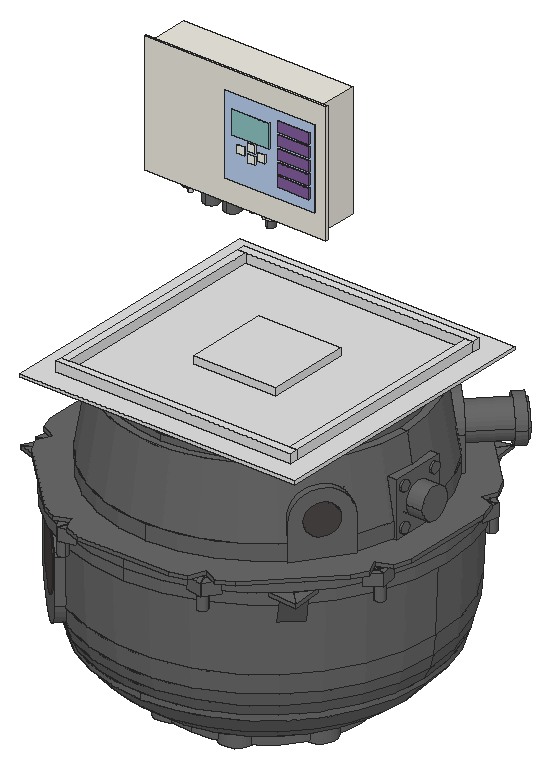
Revit family "281230x (200)", category Generic Models, Revit 2021
Family settings
  Can host rebar = No
  Round Connector Dimension = Use Diameter
  Part Type = Normal
  Work Plane-Based = No
  Always vertical = Yes
  Cut with Voids When Loaded = No
  Shared = Yes
  Room Calculation Point = No
Parameters (values of type "281230X")
  SUPPLIER = "KESSEL"
  SA700ID50 = "internal"
  SA700ID49 = "Protection Class I"
  SA700ID48 = "no"
  SA700ID47 = "no"
  SA700ID46 = "yes"
  SA700ID37 = 9000 mm
  SA700ID34 = 15.5
  SA700ID33 = 1.4 W
  SA700ID32 = 22.34 kg
  SA700ID31 = 1
  SA700ID30 = 2
  SA700ID29 = "RWDR"
  SA700ID21 = 900
  SA700ID10 = "No"
  SA700ID08 = 230 V
  PROCUREWEBLINK = "https://p.caden.as/kessel/281230X"
  PROCURELINK = "p.caden.as/kessel/281230X"
  PROCUREDATALASTUPDATE = "2024-05-22T12:17:21.692071381+01:00"
  PRC_SPECIFICATIONLINK = "https://ausschreiben.de/catalog/kessel/catalogItem/80ea36be-4b7e-4ca2-bd04-89d86ef68550"
  NN = "Lifting station Aqualift S compact"
  NBSYN = "$SA810ID03. ($LODLEVEL.)"
  NB = "281230X (200)"
  Model = "281230X"
  Manufacturer = "KESSEL"
  MIdent = "{$CADENAS_DATA/23d-libs/kessel/kessel_vdi_import/4/entwaesserung/hebeanlage20aqualift20s20compact.prj},216 {STYP=ASS},{VTYP=3D},{NB=281230X (200)},{LINA=281230X},{NN=Lifting station Aqualift S compact},{DATE=21.11.2022 10:40:35},{GEOMDATE=21.11.2022 10:40:35},{VERSION=},{LINEID=170},{WBVAR=LODLEVEL},{WBNUMERIC=LODLEVEL}  {NB=281230X (200)},{LINA=281230X},{KT=DUMMY},{PREVIEW=../../bilder/ksb_w_281230x.png},{SA700ID04=Hebeanlage Aqualift S Compact, Duo, GTF 1200, Bodenplatte, befliesbar},{SA810ID06=04026092082737},{SA700ID34=15.50},{SA010ID03=201805},{SA810ID03=281230X},{SA810ID10=Die steckerfertige Hebeanlage für fäkalienfreies Abwasser ist mit einer überflutbaren Pumpe sowie einem Rückflussverhinderer ausgestattet. Der Sammelbehälter aus dauerhaft beständigem Kunststoff (PE) besitzt einen offenen Pumpenraum. Einhandverschlüsse ermöglichen die einfache Entnahme der integrierten Komponenten. Die Anlage zum Einbau in die Bodenplatte ist vormontiert zur bauseitigen Endmontage.Die Steuerung erfolgt durch ein anwenderfreundliches Schaltgerät, das optional über einen potentialfreien Kontakt in die Gebäudeleittechnik eingebunden werden oder Alarm- und Sammelstörmeldungen über eine GSM-Schnittstelle ausgeben kann.- mit teleskopischem Aufsatzstück für stufenlosen Höhen- und Niveauausgleich und integriertem Bodenablauf- Sammelbehälter aus PE, beständig gegen aggressive Abwässer und 3 m Grundwasser- inklusive Rückflussverhinderer für die Druckleitung- inklusive Stutzen für Zulauf und Kabelleerrohr- Pumpe mit Freistromrad für höchste BetriebssicherheitAusführung:Anlagenart: DoppelanlagePumpensteuerung: SchaltgerätRückflussverhinderer: integriertAuslieferungszustand: installationsfertig (Verbindungsteile sind bauseits anzuschließen)Einbausituation: Einbau in die BodenplatteAbwasserart: fäkalienfreiAllgemeine Merkmale:Farbe: schwarzNorm: EN 12050-2Abmessungen:Länge: 617 mmBreite: 585 mmBehälter/Grundkörper:Zulauf Nennweite (DN): 100 mmDruckabgang (DN): 32 mmDruckabgang (DA): 40 mmEinbautiefe: 490 - 620 mmNutzvolumen: 20 lArt der Höhenverstellbarkeit: teleskopisches AufsatzstückAbdeckungsmerkmale:Abdeckungsart: befliesbare AbdeckplatteAbdeckung Material: KunststoffAbdeckung Farbe: silbergrauAblauffunktion: jaBodenbelaghöhe max.: 16 mmBelastungsklasse: K 3 (EN 1253-1)Länge: 366 mmBreite: 366 mmVerriegelung: Lock & LiftFreier Kugeldurchgang: 30 mmFördereinrichtung:Pumpe: GTF 1200Anzahl Pumpen: 2Förderleistung max.: 15,5 m3/hFörderhöhe max.: 9 mBetriebsspannung: 230 VNetzfrequenz: 50 HzBetriebsart: S3 - 10 %Leistung P1: 1,4 kWLeistung P2: 0,84 kWDrehzahl: 2.650 U/minErforderliche Absicherung (Leitungsschutz): C 16 AFörderguttemperatur (dauerhaft) max.: 40 °CAnschlusstyp: codierter SteckerLaufrad Typ: FreistromradLänge Netzanschlussleitung Pumpe: 5 mNennstrom: 6,2 ASchutzart Pumpe: IP 68 (3m)Typ Anschlussleitung Pumpe: H07RN-F 3G 1,0 mm2Temperaturüberwachung: integriertSteuerung:Schaltgerät: ComfortBetriebsspannung: 230 VNetzfrequenz: 50 HzSelbstdiagnosesystem (SDS): jaBatteriepufferung: jaMehrzeilige Displayanzeige: jaLogbuchfunktion: jaUSB-Schnittstelle: jaGSM-Schnittstelle: jaPotentialfreier Kontakt: optionalSchutzart Schaltgerät: IP 54Anschlusstyp: codierter SteckerLänge Netzanschlussleitung Schaltgerät: 1,4 mArt Niveauerfassung: pneumatischInstrument Niveauerfassung: TauchrohrAlarmgeber: optische Sonde},{SA700ID37=9.00},{SA700ID33=1.40},{SA700ID08=230},{SA700ID30=2},{SA700ID32=22.34},{SA700ID49=Schutzklasse I},{SA700ID50=intern},{SA200ID03=6},{SA250ID03=vertikal},{SA260ID03=Trockenläuferpumpe},{SA350ID03=normalansaugend},{SA400ID03=E-Motor für Wechselstrom},{SA460ID03=direkt},{SA500ID03=Kunststoff, Edelstahl},{SA700ID06=32},{SA700ID07=100},{SA700ID09=1/N/PE 230V },{SA700ID10=Nein},{SA700ID11=50},{SA700ID12=IP 68},{SA700ID13=F},{SA700ID15=35},{SA700ID21=900.00},{SA700ID22=0.84},{SA700ID23=2650},{SA700ID24=2650},{SA700ID26=6.20},{SA700ID27=14.90},{SA700ID28=durchgehend},{SA700ID29=RWDR},{SA700ID31=1},{SA700ID46=ja},{SA700ID47=nein},{SA700ID48=nein},{SA110ID04=Hebeanlage Aqualift S Compact},{SA300ID03=einstufig},{SA700ID44=10.00},{SA700ID45=10.00},{SA010ID04=KESSEL AG},{LODLEVEL=200},{LINK=https://www.kessel.de/info?han=281230X},{SA970ID01=970},{SA970ID02=14152},{SA970ID03=281230X},{SA970ID04=11002617},{SA970ID05=QUAD},{SA970ID06=-326},{SA970ID07=-291.04},{SA970ID08=0},{SA970ID09=1},{SA970ID10=0},{SA970ID11=0},{SA970ID12=0},{SA970ID13=1},{SA970ID14=0},{SA970ID15=617.04},{SA970ID16=582.09},{SA970ID17=488.5},{LODLEVEL_=200,'Low'},{LODLEVEL_DEU=200,'Low'},{LINK_=https://www.kessel.de/info?han=281230X},{LINK_DEU=https://www.kessel.de/info?han=281230X},{LODLEVEL_3DB=281230X_200},{DNIN1=100},{DNIN2=125},{DNIN3=100},{DNIN4=100},{DNOUT1=70},{DNOUT2=32},{ISD1=60},{ISD2=10},{ISD3=10},{SA010ID01=010},{SA010ID02=4},{SA010ID06=www.kessel.de},{SA010ID07=www.kessel.de},{SA010ID12=20180713},{SA010ID13=DEU},{SA010ID14=DE},{SA100ID01=100},{SA100ID02=4},{SA100ID04=Entwässerung},{SA110ID01=110},{SA110ID02=30},{SA200ID01=200},{SA200ID02=6},{SA250ID01=250},{SA250ID02=2},{SA260ID01=260},{SA260ID02=2},{SA300ID01=300},{SA300ID02=1},{SA350ID01=350},{SA350ID02=1},{SA400ID01=400},{SA400ID02=1},{SA460ID01=460},{SA460ID02=1},{SA500ID01=500},{SA500ID02=1},{SA700ID01=700},{SA700ID02=201},{SA700ID10_=0},{SA700ID16=0},{SA700ID25=0},{SA700ID46_=1},{SA700ID47_=0},{SA700ID48_=0},{SA700ID49_=1},{SA700ID50_=2},{SA800ID01=800},{SA800ID02=16},{SA810ID01=810},{SA810ID02=201},{SA810ID04=281230X},{SA810ID07=201},{SA810ID09=1},{SA810ID14=PCE},{SA810ID15=1},{SA810ID16=NMP},{SA960ID03=201},{SA960ID04=3L},{SA960ID08=https://www.kessel.de/info?han=281230X},{SA010ID08=4026092000007},{SA100ID05=Hebeanlage},{SA110ID06=Hebeanlage}"
  LINK = "https://www.kessel.de/info?han=281230X"
  LINA = "281230X"
  Default Elevation = 0 mm
  CREATOR = "CADENAS GmbH"
  CATALOG = "KESSEL"
  BOMINFO = "LINA"
  ARTICLENO = "NB"
  4.810.00.9 Order quantity (multiplicator) = "1"
  4.810.00.7 Media- connection number = "201"
  4.810.00.6 GTIN number = "04026092082737"
  4.810.00.4 DATANORM number = "281230X"
  4.810.00.3 Producer order number = "281230X"
  4.710.03.7 Mass (net) = 22.34 kg
  4.710.03.6 Height = 490 mm
  4.710.03.5 Width = 580 mm
  4.710.03.4 Length = 620 mm
  4.710.03.3 Type of dimensions = "2"
  4.710.02.8 Area of application of wastewater pump = "2"
  4.710.02.7 Art des S2/S3-Betriebs = "50 %"
  4.710.02.6 Duty type = "S3"
  4.710.02.5 Cutting device = "0"
  4.710.02.4 Attached pump control = "1"
  4.710.02.3 Free passage = 30 mm
  4.710.01.6 Option to connect to building automation = "30"
  4.710.01.5 Load regulation = "0"
  4.710.01.4 Designation of closed-loop control = "20"
  4.700.00.9 Voltage = 0
  4.700.00.8 Nominal connection size on suction side = "100"
  4.700.00.7 Nominal connection size on pressure side = "100"
  4.700.00.6 Type of connection = "32"
  4.700.00.4 Product indentification = "Hebeanlage Aqualift S Compact, Duo, GTF 1200, Bodenplatte, befliesbar"
  4.700.00.28 Motor pump shaft = "durchgehend"
  4.700.00.27 Starting current = 14.9
  4.700.00.26 Maximum power consumption per pump / drive = 6.2
  4.700.00.25 Minimum speed at internal speed adjustment = 0
  4.700.00.24 Nominal speed / maximum speed n = 44.1667
  4.700.00.23 Nominal speed of motor = 44.1667
  4.700.00.22 Maximum shaft output (P2) per pump/drive = 0.84 W
  4.700.00.16 Maximum temperature of pumped medium = 0 °C
  4.700.00.15 Increased safety class = "35 °C"
  4.700.00.13 Type of protection = "F"
  4.700.00.12 Frequency = 0
  4.700.00.11 Stern-/Dreieck-Anlaufschaltung bei Dreiphasenanschluss oder Drehstrom = "50 Hz"
  4.700.00.10 Phase = "0"
  4.500.00.3 Variant / Variant type / Accessories-name = "Kunststoff, Edelstahl"
  4.460.00.3 Variant / Variant type / Accessories-name = "direkt"
  4.400.00.3 Variant / Variant type / Accessories-name = "E-Motor für Wechselstrom"
  4.350.00.3 Variant / Variant type / Accessories-name = "normalansaugend"
  4.300.00.3 Variant / Variant type / Accessories-name = "einstufig"
  4.260.00.3 Variant / Variant type / Accessories-name = "Trockenläuferpumpe"
  4.250.00.3 Variant / Variant type / Accessories-name = "vertikal"
  4.200.00.3 Variant / Variant type / Accessories-name = "6"
  4.110.00.6 Product classification = "Hebeanlage"
  4.110.00.4 Product indentification = "Hebeanlage Aqualift S Compact"
  4.100.00.5 Main groups of wares = "Hebeanlage"
  4.100.00.4 Product indentification = "Entwässerung"
  4.010.00.8 Producer ID number = "4026092000007"
  4.010.00.7 Comment = "www.kessel.de"
  4.010.00.6 Web address of the manufacturer = "www.kessel.de"
  4.010.00.4 Manufacturer name = "KESSEL AG"
  4.010.00.3 Date of issuance (month) of guideline = "201805"
  4.010.00.2 Sheet number of the guideline = "4"
  4.010.00.14 Kennungen der Projektländer, für die die Datei gültig ist = "DE"
  4.010.00.13 Sprache der Datei = "DEU"
  4.010.00.12 Stand des Herstellerkatalogs = "20180713"
Reference planes
  plane 1 "Center (Front/Back)": y = 0
  plane 2: z = 0
  plane 3 "Center (Left/Right)": x = 0
Forms (mm)
  Extrusion 1, void
    sketch origin (-197.283, 197.283, 209) x (-0.707107, -0.707107, 0) y (0, 0, -1)
      loop
        line (-0.5, -0.5) -> (0.5, -0.5) -> (0.5, 0.5) -> (-0.5, 0.5) -> (-0.5, -0.5)
    from 0 to 1
  Extrusion 2, void
    sketch origin (-197.283, -197.283, 209) x (0.707107, -0.707107, 0) y (0, 0, -1)
      loop
        line (-0.5, -0.5) -> (0.5, -0.5) -> (0.5, 0.5) -> (-0.5, 0.5) -> (-0.5, -0.5)
    from 0 to 1
  Extrusion 3, void
    sketch origin (-247, 0, 370) x (0, -1, 0) y (0, 0, -1)
      loop
        line (-0.5, -0.5) -> (0.5, -0.5) -> (0.5, 0.5) -> (-0.5, 0.5) -> (-0.5, -0.5)
    from 0 to 1
  Extrusion 4, void
    sketch origin (242.226, 228.084, 376) x (-0.707107, 0.707107, 0) y (0, 0, -1)
      loop
        line (-0.5, -0.5) -> (0.5, -0.5) -> (0.5, 0.5) -> (-0.5, 0.5) -> (-0.5, -0.5)
    from 0 to 1
  Extrusion 5, void
    sketch origin (242.226, 228.084, 364) x (-0.707107, 0.707107, 0) y (0, 0, -1)
      loop
        line (-0.5, -0.5) -> (0.5, -0.5) -> (0.5, 0.5) -> (-0.5, 0.5) -> (-0.5, -0.5)
    from 0 to 1
  Extrusion 6, void
    sketch origin (228.084, 242.226, 376) x (-0.707107, 0.707107, 0) y (0, 0, -1)
      loop
        line (-0.5, -0.5) -> (0.5, -0.5) -> (0.5, 0.5) -> (-0.5, 0.5) -> (-0.5, -0.5)
    from 0 to 1
  Extrusion 7, void
    sketch origin (228.084, 242.226, 364) x (-0.707107, 0.707107, 0) y (0, 0, -1)
      loop
        line (-0.5, -0.5) -> (0.5, -0.5) -> (0.5, 0.5) -> (-0.5, 0.5) -> (-0.5, -0.5)
    from 0 to 1
Dimensions and locks
  locked: plane 2 to Extrusion 1 at 208.5
  locked: plane 2 to Extrusion 1 at 209.5
  locked: plane 2 to Extrusion 2 at 208.5
  locked: plane 2 to Extrusion 2 at 209.5
  locked: plane 2 to Extrusion 3 at 369.5
  locked: plane 2 to Extrusion 3 at 370.5
  locked: plane 2 to Extrusion 4 at 375.5
  locked: plane 2 to Extrusion 4 at 376.5
  locked: plane 2 to Extrusion 5 at 363.5
  locked: plane 2 to Extrusion 5 at 364.5
  locked: plane 2 to Extrusion 6 at 375.5
  locked: plane 2 to Extrusion 6 at 376.5
  locked: plane 2 to Extrusion 7 at 363.5
  locked: plane 2 to Extrusion 7 at 364.5
  aligned and locked: level to plane 2
Nested families
  nested 1: "281230x (200)_content" at (0, 0, 0), type "281230X (200)_Content"
  nested 2: "281230x (200)_part1_X0Y0" at (-194, 244.5, 558), type "281230X_PART1_X0Y0"
  nested 3: "281230x (200)_part2_X0Y0" at (0, 0, 0), type "281230X_PART2_X0Y0"
Connectors
  piping at (-112, 217, 557.2), diameter 10
    settings: on nested 2, index 1, connector inside diameter 609.6 mm, connector length 0 mm, flow factor 0, pipe flow 0.0 L/s, pressure drop 0.0 Pa, fitting loss kfactor 0, connector angle 0.00°, fixture units 0, engagement length 0 mm, angle of deflection 0.00°, flow configuration 0, flow direction 2, fitting loss method 2, system type 29, joint type 0, gender type 0, connector reference index -1, connector utility 0, adjustable connector no, is connector primary yes, connector description ""
  electrical at (-298, 217, 518.5)
    settings: on nested 2, index 2, voltage 0 V, apparent load 0 VA, apparent load phase1 0 VA, apparent load phase2 0 VA, apparent load phase3 0 VA, power factor 1, load classification "Other", number of poles 1, system type 31, power factor state 1, is connector primary yes, connector utility no, sub classification motor no, connector description ""
  electrical at (-264, 217, 515.9)
    settings: on nested 2, index 3, voltage 0 V, apparent load 0 VA, apparent load phase1 0 VA, apparent load phase2 0 VA, apparent load phase3 0 VA, power factor 1, load classification "Other", number of poles 1, system type 31, power factor state 1, is connector primary no, connector utility no, sub classification motor no, connector description ""
  electrical at (-230, 217, 515.9)
    settings: on nested 2, index 4, voltage 0 V, apparent load 0 VA, apparent load phase1 0 VA, apparent load phase2 0 VA, apparent load phase3 0 VA, power factor 1, load classification "Other", number of poles 1, system type 31, power factor state 1, is connector primary no, connector utility no, sub classification motor no, connector description ""
  electrical at (-192, 217, 528.2)
    settings: on nested 2, index 5, voltage 0 V, apparent load 0 VA, apparent load phase1 0 VA, apparent load phase2 0 VA, apparent load phase3 0 VA, power factor 1, load classification "Other", number of poles 1, system type 31, power factor state 1, is connector primary no, connector utility no, sub classification motor no, connector description ""
  electrical at (-168, 217, 513.45)
    settings: on nested 2, index 6, voltage 0 V, apparent load 0 VA, apparent load phase1 0 VA, apparent load phase2 0 VA, apparent load phase3 0 VA, power factor 1, load classification "Other", number of poles 1, system type 31, power factor state 1, is connector primary no, connector utility no, sub classification motor no, connector description ""
  electrical at (-140, 217, 557.2)
    settings: on nested 2, index 7, voltage 0 V, apparent load 0 VA, apparent load phase1 0 VA, apparent load phase2 0 VA, apparent load phase3 0 VA, power factor 1, load classification "Other", number of poles 1, system type 31, power factor state 1, is connector primary no, connector utility no, sub classification motor no, connector description ""
  piping at (-326, 0, 209), diameter 125
    settings: on nested 3, index 8, connector inside diameter 609.6 mm, connector length 0 mm, flow factor 0, pipe flow 0.0 L/s, pressure drop 0.0 Pa, fitting loss kfactor 0, connector angle 0.00°, fixture units 0, engagement length 0 mm, angle of deflection 0.00°, flow configuration 0, flow direction 1, fitting loss method 2, system type 29, joint type 0, gender type 0, connector reference index -1, connector utility 0, adjustable connector no, is connector primary no, connector description ""
  piping at (-197.283, 197.283, 209), diameter 100
    settings: on Extrusion 1, index 9, connector inside diameter 609.6 mm, connector length 0 mm, flow factor 0, pipe flow 0.0 L/s, pressure drop 0.0 Pa, fitting loss kfactor 0, connector angle 0.00°, fixture units 0, engagement length 0 mm, angle of deflection 0.00°, flow configuration 0, flow direction 0, fitting loss method 2, system type 29, joint type 0, gender type 0, connector reference index -1, connector utility 0, adjustable connector no, is connector primary no, connector description ""
  piping at (-197.283, -197.283, 209), diameter 100
    settings: on Extrusion 2, index 10, connector inside diameter 609.6 mm, connector length 0 mm, flow factor 0, pipe flow 0.0 L/s, pressure drop 0.0 Pa, fitting loss kfactor 0, connector angle 0.00°, fixture units 0, engagement length 0 mm, angle of deflection 0.00°, flow configuration 0, flow direction 0, fitting loss method 2, system type 29, joint type 0, gender type 0, connector reference index -1, connector utility 0, adjustable connector no, is connector primary no, connector description ""
  piping at (-247, 0, 370), diameter 70
    settings: on Extrusion 3, index 11, connector inside diameter 609.6 mm, connector length 0 mm, flow factor 0, pipe flow 0.0 L/s, pressure drop 0.0 Pa, fitting loss kfactor 0, connector angle 0.00°, fixture units 0, engagement length 0 mm, angle of deflection 0.00°, flow configuration 0, flow direction 0, fitting loss method 2, system type 29, joint type 0, gender type 0, connector reference index -1, connector utility 0, adjustable connector no, is connector primary no, connector description ""
  piping at (272.5, -3, 363.25), diameter 32
    settings: on nested 3, index 12, connector inside diameter 609.6 mm, connector length 0 mm, flow factor 0, pipe flow 0.0 L/s, pressure drop 0.0 Pa, fitting loss kfactor 0, connector angle 0.00°, fixture units 0, engagement length 0 mm, angle of deflection 0.00°, flow configuration 0, flow direction 2, fitting loss method 2, system type 29, joint type 0, gender type 0, connector reference index -1, connector utility 0, adjustable connector no, is connector primary no, connector description ""
  electrical at (242.226, 228.084, 376)
    settings: on Extrusion 4, index 13, voltage 0 V, apparent load 0 VA, apparent load phase1 0 VA, apparent load phase2 0 VA, apparent load phase3 0 VA, power factor 1, load classification "Other", number of poles 1, system type 31, power factor state 1, is connector primary no, connector utility no, sub classification motor no, connector description ""
  electrical at (242.226, 228.084, 364)
    settings: on Extrusion 5, index 14, voltage 0 V, apparent load 0 VA, apparent load phase1 0 VA, apparent load phase2 0 VA, apparent load phase3 0 VA, power factor 1, load classification "Other", number of poles 1, system type 31, power factor state 1, is connector primary no, connector utility no, sub classification motor no, connector description ""
  electrical at (228.084, 242.226, 376)
    settings: on Extrusion 6, index 15, voltage 0 V, apparent load 0 VA, apparent load phase1 0 VA, apparent load phase2 0 VA, apparent load phase3 0 VA, power factor 1, load classification "Other", number of poles 1, system type 31, power factor state 1, is connector primary no, connector utility no, sub classification motor no, connector description ""
  electrical at (228.084, 242.226, 364)
    settings: on Extrusion 7, index 16, voltage 0 V, apparent load 0 VA, apparent load phase1 0 VA, apparent load phase2 0 VA, apparent load phase3 0 VA, power factor 1, load classification "Other", number of poles 1, system type 31, power factor state 1, is connector primary no, connector utility no, sub classification motor no, connector description ""
Definition of nested family "281230x (200)_part1_X0Y0"
  Parameters (values of type "281230X_PART1_X0Y0")
    SUPPLIER = "KESSEL"
    SA700ID50 = "internal"
    SA700ID49 = "Protection Class I"
    SA700ID48 = "no"
    SA700ID47 = "no"
    SA700ID46 = "yes"
    SA700ID37 = 9000 mm
    SA700ID34 = 15.5
    SA700ID33 = 1.4 W
    SA700ID32 = 22.34 kg
    SA700ID31 = 1
    SA700ID30 = 2
    SA700ID29 = "RWDR"
    SA700ID21 = 900
    SA700ID10 = "No"
    SA700ID08 = 230 V
    NBSYN = "$SA810ID03. ($LODLEVEL.)_PART1"
    NB = "281230X (200)_PART1"
    Model = "281230X_PART1"
    Manufacturer = "KESSEL"
    MIdent = "{$CADENAS_DATA/23d-libs/kessel/kessel_vdi_import/4/entwaesserung/hebeanlage20aqualift20s20compact.prj},236 {VTYP=3D},{NB=281230X (200)_PART1},{LINA=281230X_PART1},{NN=Lifting station Aqualift S compact_PART1},{NOPRJ=TRUE},{DATE=21.11.2022 10:40:35},{GEOMDATE=21.11.2022 10:40:35},{VERSION=},{LINEID=170},{WBVAR=LODLEVEL},{WBNUMERIC=LODLEVEL}  {NB=281230X (200)_PART1},{LINA=281230X_PART1},{KT=DUMMY},{PREVIEW=../../bilder/ksb_w_281230x.png},{SA700ID04=Hebeanlage Aqualift S Compact, Duo, GTF 1200, Bodenplatte, befliesbar},{SA810ID06=04026092082737},{SA700ID34=15.50},{SA010ID03=201805},{SA810ID03=281230X},{SA810ID10=Die steckerfertige Hebeanlage für fäkalienfreies Abwasser ist mit einer überflutbaren Pumpe sowie einem Rückflussverhinderer ausgestattet. Der Sammelbehälter aus dauerhaft beständigem Kunststoff (PE) besitzt einen offenen Pumpenraum. Einhandverschlüsse ermöglichen die einfache Entnahme der integrierten Komponenten. Die Anlage zum Einbau in die Bodenplatte ist vormontiert zur bauseitigen Endmontage.Die Steuerung erfolgt durch ein anwenderfreundliches Schaltgerät, das optional über einen potentialfreien Kontakt in die Gebäudeleittechnik eingebunden werden oder Alarm- und Sammelstörmeldungen über eine GSM-Schnittstelle ausgeben kann.- mit teleskopischem Aufsatzstück für stufenlosen Höhen- und Niveauausgleich und integriertem Bodenablauf- Sammelbehälter aus PE, beständig gegen aggressive Abwässer und 3 m Grundwasser- inklusive Rückflussverhinderer für die Druckleitung- inklusive Stutzen für Zulauf und Kabelleerrohr- Pumpe mit Freistromrad für höchste BetriebssicherheitAusführung:Anlagenart: DoppelanlagePumpensteuerung: SchaltgerätRückflussverhinderer: integriertAuslieferungszustand: installationsfertig (Verbindungsteile sind bauseits anzuschließen)Einbausituation: Einbau in die BodenplatteAbwasserart: fäkalienfreiAllgemeine Merkmale:Farbe: schwarzNorm: EN 12050-2Abmessungen:Länge: 617 mmBreite: 585 mmBehälter/Grundkörper:Zulauf Nennweite (DN): 100 mmDruckabgang (DN): 32 mmDruckabgang (DA): 40 mmEinbautiefe: 490 - 620 mmNutzvolumen: 20 lArt der Höhenverstellbarkeit: teleskopisches AufsatzstückAbdeckungsmerkmale:Abdeckungsart: befliesbare AbdeckplatteAbdeckung Material: KunststoffAbdeckung Farbe: silbergrauAblauffunktion: jaBodenbelaghöhe max.: 16 mmBelastungsklasse: K 3 (EN 1253-1)Länge: 366 mmBreite: 366 mmVerriegelung: Lock & LiftFreier Kugeldurchgang: 30 mmFördereinrichtung:Pumpe: GTF 1200Anzahl Pumpen: 2Förderleistung max.: 15,5 m3/hFörderhöhe max.: 9 mBetriebsspannung: 230 VNetzfrequenz: 50 HzBetriebsart: S3 - 10 %Leistung P1: 1,4 kWLeistung P2: 0,84 kWDrehzahl: 2.650 U/minErforderliche Absicherung (Leitungsschutz): C 16 AFörderguttemperatur (dauerhaft) max.: 40 °CAnschlusstyp: codierter SteckerLaufrad Typ: FreistromradLänge Netzanschlussleitung Pumpe: 5 mNennstrom: 6,2 ASchutzart Pumpe: IP 68 (3m)Typ Anschlussleitung Pumpe: H07RN-F 3G 1,0 mm2Temperaturüberwachung: integriertSteuerung:Schaltgerät: ComfortBetriebsspannung: 230 VNetzfrequenz: 50 HzSelbstdiagnosesystem (SDS): jaBatteriepufferung: jaMehrzeilige Displayanzeige: jaLogbuchfunktion: jaUSB-Schnittstelle: jaGSM-Schnittstelle: jaPotentialfreier Kontakt: optionalSchutzart Schaltgerät: IP 54Anschlusstyp: codierter SteckerLänge Netzanschlussleitung Schaltgerät: 1,4 mArt Niveauerfassung: pneumatischInstrument Niveauerfassung: TauchrohrAlarmgeber: optische Sonde},{SA700ID37=9.00},{SA700ID33=1.40},{SA700ID08=230},{SA700ID30=2},{SA700ID32=22.34},{SA700ID49=Schutzklasse I},{SA700ID50=intern},{SA200ID03=6},{SA250ID03=vertikal},{SA260ID03=Trockenläuferpumpe},{SA350ID03=normalansaugend},{SA400ID03=E-Motor für Wechselstrom},{SA460ID03=direkt},{SA500ID03=Kunststoff, Edelstahl},{SA700ID06=32},{SA700ID07=100},{SA700ID09=1/N/PE 230V },{SA700ID10=Nein},{SA700ID11=50},{SA700ID12=IP 68},{SA700ID13=F},{SA700ID15=35},{SA700ID21=900.00},{SA700ID22=0.84},{SA700ID23=2650},{SA700ID24=2650},{SA700ID26=6.20},{SA700ID27=14.90},{SA700ID28=durchgehend},{SA700ID29=RWDR},{SA700ID31=1},{SA700ID46=ja},{SA700ID47=nein},{SA700ID48=nein},{SA110ID04=Hebeanlage Aqualift S Compact},{SA300ID03=einstufig},{SA700ID44=10.00},{SA700ID45=10.00},{SA010ID04=KESSEL AG},{LODLEVEL=200},{LINK=https://www.kessel.de/info?han=281230X},{SA970ID01=970},{SA970ID02=14152},{SA970ID03=281230X},{SA970ID04=11002617},{SA970ID05=QUAD},{SA970ID06=-326},{SA970ID07=-291.04},{SA970ID08=0},{SA970ID09=1},{SA970ID10=0},{SA970ID11=0},{SA970ID12=0},{SA970ID13=1},{SA970ID14=0},{SA970ID15=617.04},{SA970ID16=582.09},{SA970ID17=488.5},{LODLEVEL_=200,'Low'},{LODLEVEL_DEU=200,'Low'},{LINK_=https://www.kessel.de/info?han=281230X},{LINK_DEU=https://www.kessel.de/info?han=281230X},{LODLEVEL_3DB=281230X_200},{DNIN1=100},{DNIN2=125},{DNIN3=100},{DNIN4=100},{DNOUT1=70},{DNOUT2=32},{ISD1=60},{ISD2=10},{ISD3=10},{SA010ID01=010},{SA010ID02=4},{SA010ID06=www.kessel.de},{SA010ID07=www.kessel.de},{SA010ID12=20180713},{SA010ID13=DEU},{SA010ID14=DE},{SA100ID01=100},{SA100ID02=4},{SA100ID04=Entwässerung},{SA110ID01=110},{SA110ID02=30},{SA200ID01=200},{SA200ID02=6},{SA250ID01=250},{SA250ID02=2},{SA260ID01=260},{SA260ID02=2},{SA300ID01=300},{SA300ID02=1},{SA350ID01=350},{SA350ID02=1},{SA400ID01=400},{SA400ID02=1},{SA460ID01=460},{SA460ID02=1},{SA500ID01=500},{SA500ID02=1},{SA700ID01=700},{SA700ID02=201},{SA700ID10_=0},{SA700ID16=0},{SA700ID25=0},{SA700ID46_=1},{SA700ID47_=0},{SA700ID48_=0},{SA700ID49_=1},{SA700ID50_=2},{SA800ID01=800},{SA800ID02=16},{SA810ID01=810},{SA810ID02=201},{SA810ID04=281230X},{SA810ID07=201},{SA810ID09=1},{SA810ID14=PCE},{SA810ID15=1},{SA810ID16=NMP},{SA960ID03=201},{SA960ID04=3L},{SA960ID08=https://www.kessel.de/info?han=281230X},{SA010ID08=4026092000007},{SA100ID05=Hebeanlage},{SA110ID06=Hebeanlage}"
    LINK = "https://www.kessel.de/info?han=281230X"
    LINA = "281230X_PART1"
    Default Elevation = 1219.2 mm
    CREATOR = "CADENAS GmbH"
    CATALOG = "KESSEL"
    BOMINFO = "LINA"
    ARTICLENO = "NB"
    4.810.00.9 Order quantity (multiplicator) = "1"
    4.810.00.7 Media- connection number = "201"
    4.810.00.6 GTIN number = "04026092082737"
    4.810.00.4 DATANORM number = "281230X"
    4.810.00.3 Producer order number = "281230X"
    4.710.03.7 Mass (net) = 22.34 kg
    4.710.03.6 Height = 490 mm
    4.710.03.5 Width = 580 mm
    4.710.03.4 Length = 620 mm
    4.710.03.3 Type of dimensions = "2"
    4.710.02.8 Area of application of wastewater pump = "2"
    4.710.02.7 Art des S2/S3-Betriebs = "50 %"
    4.710.02.6 Duty type = "S3"
    4.710.02.5 Cutting device = "0"
    4.710.02.4 Attached pump control = "1"
    4.710.02.3 Free passage = 30 mm
    4.710.01.6 Option to connect to building automation = "30"
    4.710.01.5 Load regulation = "0"
    4.710.01.4 Designation of closed-loop control = "20"
    4.700.00.9 Voltage = 0
    4.700.00.8 Nominal connection size on suction side = "100"
    4.700.00.7 Nominal connection size on pressure side = "100"
    4.700.00.6 Type of connection = "32"
    4.700.00.4 Product indentification = "Hebeanlage Aqualift S Compact, Duo, GTF 1200, Bodenplatte, befliesbar"
    4.700.00.28 Motor pump shaft = "durchgehend"
    4.700.00.27 Starting current = 14.9
    4.700.00.26 Maximum power consumption per pump / drive = 6.2
    4.700.00.25 Minimum speed at internal speed adjustment = 0
    4.700.00.24 Nominal speed / maximum speed n = 44.1667
    4.700.00.23 Nominal speed of motor = 44.1667
    4.700.00.22 Maximum shaft output (P2) per pump/drive = 0.84 W
    4.700.00.16 Maximum temperature of pumped medium = 0 °C
    4.700.00.15 Increased safety class = "35 °C"
    4.700.00.13 Type of protection = "F"
    4.700.00.12 Frequency = 0
    4.700.00.11 Stern-/Dreieck-Anlaufschaltung bei Dreiphasenanschluss oder Drehstrom = "50 Hz"
    4.700.00.10 Phase = "0"
    4.500.00.3 Variant / Variant type / Accessories-name = "Kunststoff, Edelstahl"
    4.460.00.3 Variant / Variant type / Accessories-name = "direkt"
    4.400.00.3 Variant / Variant type / Accessories-name = "E-Motor für Wechselstrom"
    4.350.00.3 Variant / Variant type / Accessories-name = "normalansaugend"
    4.300.00.3 Variant / Variant type / Accessories-name = "einstufig"
    4.260.00.3 Variant / Variant type / Accessories-name = "Trockenläuferpumpe"
    4.250.00.3 Variant / Variant type / Accessories-name = "vertikal"
    4.200.00.3 Variant / Variant type / Accessories-name = "6"
    4.110.00.6 Product classification = "Hebeanlage"
    4.110.00.4 Product indentification = "Hebeanlage Aqualift S Compact"
    4.100.00.5 Main groups of wares = "Hebeanlage"
    4.100.00.4 Product indentification = "Entwässerung"
    4.010.00.8 Producer ID number = "4026092000007"
    4.010.00.7 Comment = "www.kessel.de"
    4.010.00.6 Web address of the manufacturer = "www.kessel.de"
    4.010.00.4 Manufacturer name = "KESSEL AG"
    4.010.00.3 Date of issuance (month) of guideline = "201805"
    4.010.00.2 Sheet number of the guideline = "4"
    4.010.00.14 Kennungen der Projektländer, für die die Datei gültig ist = "DE"
    4.010.00.13 Sprache der Datei = "DEU"
    4.010.00.12 Stand des Herstellerkatalogs = "20180713"
  Reference planes
    plane 1 "Center (Front/Back)": y = 0
    plane 2: z = 0
    plane 3 "Center (Left/Right)": x = 0
  Dimensions and locks
    aligned and locked: level to plane 2
  Nested families
    nested 1: "281230x (200)_part1_content" at (0, 0, 0), type "281230X (200)_PART1_Content"
  Definition of nested family "281230x (200)_part1_content"
    Parameters (values of type "281230X (200)_PART1_Content")
      SUPPLIER = "KESSEL"
      SA700ID50 = "internal"
      SA700ID49 = "Protection Class I"
      SA700ID48 = "no"
      SA700ID47 = "no"
      SA700ID46 = "yes"
      SA700ID37 = 9000 mm
      SA700ID34 = 15.5
      SA700ID33 = 1.4 W
      SA700ID32 = 22.34 kg
      SA700ID31 = 1
      SA700ID30 = 2
      SA700ID29 = "RWDR"
      SA700ID21 = 900
      SA700ID10 = "No"
      SA700ID08 = 230 V
      NBSYN = "$SA810ID03. ($LODLEVEL.)_PART1"
      NB = "281230X (200)_PART1"
      Model = "281230X_PART1"
      Manufacturer = "KESSEL"
      LINK = "https://www.kessel.de/info?han=281230X"
      LINA = "281230X_PART1"
      Default Elevation = 1219.2 mm
      CREATOR = "CADENAS GmbH"
      CATALOG = "KESSEL"
      BOMINFO = "LINA"
      ARTICLENO = "NB"
      4.810.00.9 Order quantity (multiplicator) = "1"
      4.810.00.7 Media- connection number = "201"
      4.810.00.6 GTIN number = "04026092082737"
      4.810.00.4 DATANORM number = "281230X"
      4.810.00.3 Producer order number = "281230X"
      4.710.03.7 Mass (net) = 22.34 kg
      4.710.03.6 Height = 490 mm
      4.710.03.5 Width = 580 mm
      4.710.03.4 Length = 620 mm
      4.710.03.3 Type of dimensions = "2"
      4.710.02.8 Area of application of wastewater pump = "2"
      4.710.02.7 Art des S2/S3-Betriebs = "50 %"
      4.710.02.6 Duty type = "S3"
      4.710.02.5 Cutting device = "0"
      4.710.02.4 Attached pump control = "1"
      4.710.02.3 Free passage = 30 mm
      4.710.01.6 Option to connect to building automation = "30"
      4.710.01.5 Load regulation = "0"
      4.710.01.4 Designation of closed-loop control = "20"
      4.700.00.9 Voltage = 0
      4.700.00.8 Nominal connection size on suction side = "100"
      4.700.00.7 Nominal connection size on pressure side = "100"
      4.700.00.6 Type of connection = "32"
      4.700.00.4 Product indentification = "Hebeanlage Aqualift S Compact, Duo, GTF 1200, Bodenplatte, befliesbar"
      4.700.00.28 Motor pump shaft = "durchgehend"
      4.700.00.27 Starting current = 14.9
      4.700.00.26 Maximum power consumption per pump / drive = 6.2
      4.700.00.25 Minimum speed at internal speed adjustment = 0
      4.700.00.24 Nominal speed / maximum speed n = 44.1667
      4.700.00.23 Nominal speed of motor = 44.1667
      4.700.00.22 Maximum shaft output (P2) per pump/drive = 0.84 W
      4.700.00.16 Maximum temperature of pumped medium = 0 °C
      4.700.00.15 Increased safety class = "35 °C"
      4.700.00.13 Type of protection = "F"
      4.700.00.12 Frequency = 0
      4.700.00.11 Stern-/Dreieck-Anlaufschaltung bei Dreiphasenanschluss oder Drehstrom = "50 Hz"
      4.700.00.10 Phase = "0"
      4.500.00.3 Variant / Variant type / Accessories-name = "Kunststoff, Edelstahl"
      4.460.00.3 Variant / Variant type / Accessories-name = "direkt"
      4.400.00.3 Variant / Variant type / Accessories-name = "E-Motor für Wechselstrom"
      4.350.00.3 Variant / Variant type / Accessories-name = "normalansaugend"
      4.300.00.3 Variant / Variant type / Accessories-name = "einstufig"
      4.260.00.3 Variant / Variant type / Accessories-name = "Trockenläuferpumpe"
      4.250.00.3 Variant / Variant type / Accessories-name = "vertikal"
      4.200.00.3 Variant / Variant type / Accessories-name = "6"
      4.110.00.6 Product classification = "Hebeanlage"
      4.110.00.4 Product indentification = "Hebeanlage Aqualift S Compact"
      4.100.00.5 Main groups of wares = "Hebeanlage"
      4.100.00.4 Product indentification = "Entwässerung"
      4.010.00.8 Producer ID number = "4026092000007"
      4.010.00.7 Comment = "www.kessel.de"
      4.010.00.6 Web address of the manufacturer = "www.kessel.de"
      4.010.00.4 Manufacturer name = "KESSEL AG"
      4.010.00.3 Date of issuance (month) of guideline = "201805"
      4.010.00.2 Sheet number of the guideline = "4"
      4.010.00.14 Kennungen der Projektländer, für die die Datei gültig ist = "DE"
      4.010.00.13 Sprache der Datei = "DEU"
      4.010.00.12 Stand des Herstellerkatalogs = "20180713"
    Reference planes
      plane 1 "Center (Front/Back)": y = 0
      plane 2: z = 0
      plane 3 "Center (Left/Right)": x = 0
    Forms (mm)
      Extrusion 1, solid, detail levels medium+fine
        sketch origin (49.8, -68, 72.2) x (0, -1, 0) y (0, 0, 1)
          loop
            line (-0.5, 12) -> (-0.5, 0) -> (1, 0) -> (1, 12) -> (-0.5, 12)
        from 0 to 12
      Extrusion 2, solid, detail levels medium+fine
        sketch origin (129.3, -67, 28.2) x (0, -1, 0) y (0, 0, 1)
          loop
            line (-0.5, 127) -> (-0.5, 0) -> (1, 0) -> (1, 127) -> (-0.5, 127)
        from 0 to 146
      Extrusion 3, solid, detail levels medium+fine
        sketch origin (33.3, -68, 80.45) x (0, -1, 0) y (0, 0, 1)
          loop
            line (-0.5, 12) -> (-0.5, 0) -> (1, 0) -> (1, 12) -> (-0.5, 12)
        from 0 to 12
      Extrusion 4, solid, detail levels medium+fine
        sketch origin (33.3, -68, 63.95) x (0, -1, 0) y (0, 0, 1)
          loop
            line (-0.5, 12) -> (-0.5, 0) -> (1, 0) -> (1, 12) -> (-0.5, 12)
        from 0 to 12
      Extrusion 5, solid, detail levels medium+fine
        sketch origin (56.3, -68, 95.45) x (0, -1, 0) y (0, 0, 1)
          loop
            line (-0.5, 37) -> (-0.5, 0) -> (1, 0) -> (1, 37) -> (-0.5, 37)
        from 0 to 60
      Extrusion 6, solid, detail levels medium+fine
        sketch origin (121.8, -68, 85.7) x (0, -1, 0) y (0, 0, 1)
          loop
            line (0, 16) -> (0, 0) -> (2, 0) -> (2, 16) -> (0, 16)
        from 0 to 51
      Extrusion 7, solid, detail levels medium+fine
        sketch origin (121.8, -68, 65.7) x (0, -1, 0) y (0, 0, 1)
          loop
            line (0, 16) -> (0, 0) -> (2, 0) -> (2, 16) -> (0, 16)
        from 0 to 51
      Extrusion 8, solid, detail levels medium+fine
        sketch origin (121.8, -68, 105.7) x (0, -1, 0) y (0, 0, 1)
          loop
            line (0, 16) -> (0, 0) -> (2, 0) -> (2, 16) -> (0, 16)
        from 0 to 51
      Extrusion 9, solid, detail levels medium+fine
        sketch origin (16.8, -68, 72.2) x (0, -1, 0) y (0, 0, 1)
          loop
            line (-0.5, 12) -> (-0.5, 0) -> (1, 0) -> (1, 12) -> (-0.5, 12)
        from 0 to 12
      Extrusion 10, solid, detail levels medium+fine
        sketch origin (121.8, -68, 45.7) x (0, -1, 0) y (0, 0, 1)
          loop
            line (0, 16) -> (0, 0) -> (2, 0) -> (2, 16) -> (0, 16)
        from 0 to 51
      Extrusion 11, solid, detail levels medium+fine
        sketch origin (147, -63.5, -7) x (0, -1, 0) y (0, 0, 1)
          loop
            line (0, 194) -> (0, 0) -> (3.5, 0) -> (3.5, 194) -> (0, 194)
        from 0 to 294
      Extrusion 12, solid, detail levels medium+fine
        sketch origin (136.25, 0, 0) x (0, -1, 0) y (0, 0, 1)
          loop
            line (0, 184) -> (0, 0) -> (63.5, 0) -> (63.5, 184) -> (0, 184)
        from 0 to 272.5
      Extrusion 13, solid, detail levels medium+fine
        sketch origin (121.75, -68, 125.75) x (0, -1, 0) y (0, 0, 1)
          loop
            line (0, 16) -> (0, 0) -> (2, 0) -> (2, 16) -> (0, 16)
        from 0 to 51
      Extrusion 14, solid, detail levels medium+fine
        sketch origin (26, -27.5, 0) x (1, 0, 0) y (0, -1, 0)
          loop
            circle (0, 0) r 11
        from 0 to 11
      Extrusion 15, solid, detail levels medium+fine
        sketch origin (26, -27.5, -11) x (1, 0, 0) y (0, -1, 0)
          loop
            circle (0, 0) r 11
        from 0 to 19.8
      Extrusion 16, solid, detail levels medium+fine
        sketch origin (26, -27.5, -29.8) x (1, 0, 0) y (0, -1, 0)
          loop
            circle (0, 0) r 6
        from 0 to 14.75
      Extrusion 17, solid, detail levels medium+fine
        sketch origin (2, -27.5, 0) x (1, 0, 0) y (0, -1, 0)
          loop
            circle (0, 0) r 11
        from 0 to 20
      Extrusion 18, solid, detail levels medium+fine
        sketch origin (2, -27.5, -20) x (1, 0, 0) y (0, -1, 0)
          loop
            circle (0, 0) r 8.65
        from 0 to 9.8
      Extrusion 19, solid, detail levels medium+fine
        sketch origin (-36, -27.5, 0) x (1, 0, 0) y (0, -1, 0)
          loop
            circle (0, 0) r 12
        from 0 to 15
      Extrusion 20, solid, detail levels medium+fine
        sketch origin (-36, -27.5, -15) x (1, 0, 0) y (0, -1, 0)
          loop
            circle (0, 0) r 11.75
        from 0 to 27.1
      Extrusion 21, solid, detail levels medium+fine
        sketch origin (54, -27.5, 2) x (1, 0, 0) y (0, -1, 0)
          loop
            circle (0, 0) r 10
        from 0 to 2.8
      Extrusion 22, solid, detail levels medium+fine
        sketch origin (-70, -27.5, 0) x (1, 0, 0) y (0, -1, 0)
          loop
            circle (0, 0) r 12
        from 0 to 15
      Extrusion 23, solid, detail levels medium+fine
        sketch origin (-70, -27.5, -15) x (1, 0, 0) y (0, -1, 0)
          loop
            circle (0, 0) r 11.75
        from 0 to 27.1
      Extrusion 24, solid, detail levels medium+fine
        sketch origin (82, -27.5, 2) x (1, 0, 0) y (0, -1, 0)
          loop
            circle (0, 0) r 10
        from 0 to 2.8
      Extrusion 25, solid, detail levels medium+fine
        sketch origin (-104, -27.5, 0) x (1, 0, 0) y (0, -1, 0)
          loop
            circle (0, 0) r 10
        from 0 to 9
      Extrusion 26, solid, detail levels medium+fine
        sketch origin (-104, -27.5, -9) x (1, 0, 0) y (0, -1, 0)
          loop
            circle (0, 0) r 11
        from 0 to 20.5
      Extrusion 27, solid, detail levels medium+fine
        sketch origin (-104, -27.5, -29.5) x (1, 0, 0) y (0, -1, 0)
          loop
            circle (0, 0) r 3
        from 0 to 10
      Extrusion 28, solid, detail levels medium+fine
        sketch origin (110, -27.5, 1.2) x (1, 0, 0) y (0, -1, 0)
          loop
            circle (0, 0) r 13.5
        from 0 to 2.8
      Extrusion 29, solid, detail levels coarse
        sketch origin (0, -35, -44.55) x (1, 0, 0) y (0, 1, 0)
          loop
            line (-147, -35) -> (147, -35) -> (147, 35) -> (-147, 35) -> (-147, -35)
        from 0 to 231.55
    Dimensions and locks
      aligned and locked: level to plane 2
Definition of nested family "281230x (200)_part2_X0Y0"
  Parameters (values of type "281230X_PART2_X0Y0")
    SUPPLIER = "KESSEL"
    SA700ID50 = "internal"
    SA700ID49 = "Protection Class I"
    SA700ID48 = "no"
    SA700ID47 = "no"
    SA700ID46 = "yes"
    SA700ID37 = 9000 mm
    SA700ID34 = 15.5
    SA700ID33 = 1.4 W
    SA700ID32 = 22.34 kg
    SA700ID31 = 1
    SA700ID30 = 2
    SA700ID29 = "RWDR"
    SA700ID21 = 900
    SA700ID10 = "No"
    SA700ID08 = 230 V
    NBSYN = "$SA810ID03. ($LODLEVEL.)_PART2"
    NB = "281230X (200)_PART2"
    Model = "281230X_PART2"
    Manufacturer = "KESSEL"
    MIdent = "{$CADENAS_DATA/23d-libs/kessel/kessel_vdi_import/4/entwaesserung/hebeanlage20aqualift20s20compact.prj},236 {VTYP=3D},{NB=281230X (200)_PART2},{LINA=281230X_PART2},{NN=Lifting station Aqualift S compact_PART2},{NOPRJ=TRUE},{DATE=21.11.2022 10:40:35},{GEOMDATE=21.11.2022 10:40:35},{VERSION=},{LINEID=170},{WBVAR=LODLEVEL},{WBNUMERIC=LODLEVEL}  {NB=281230X (200)_PART2},{LINA=281230X_PART2},{KT=DUMMY},{PREVIEW=../../bilder/ksb_w_281230x.png},{SA700ID04=Hebeanlage Aqualift S Compact, Duo, GTF 1200, Bodenplatte, befliesbar},{SA810ID06=04026092082737},{SA700ID34=15.50},{SA010ID03=201805},{SA810ID03=281230X},{SA810ID10=Die steckerfertige Hebeanlage für fäkalienfreies Abwasser ist mit einer überflutbaren Pumpe sowie einem Rückflussverhinderer ausgestattet. Der Sammelbehälter aus dauerhaft beständigem Kunststoff (PE) besitzt einen offenen Pumpenraum. Einhandverschlüsse ermöglichen die einfache Entnahme der integrierten Komponenten. Die Anlage zum Einbau in die Bodenplatte ist vormontiert zur bauseitigen Endmontage.Die Steuerung erfolgt durch ein anwenderfreundliches Schaltgerät, das optional über einen potentialfreien Kontakt in die Gebäudeleittechnik eingebunden werden oder Alarm- und Sammelstörmeldungen über eine GSM-Schnittstelle ausgeben kann.- mit teleskopischem Aufsatzstück für stufenlosen Höhen- und Niveauausgleich und integriertem Bodenablauf- Sammelbehälter aus PE, beständig gegen aggressive Abwässer und 3 m Grundwasser- inklusive Rückflussverhinderer für die Druckleitung- inklusive Stutzen für Zulauf und Kabelleerrohr- Pumpe mit Freistromrad für höchste BetriebssicherheitAusführung:Anlagenart: DoppelanlagePumpensteuerung: SchaltgerätRückflussverhinderer: integriertAuslieferungszustand: installationsfertig (Verbindungsteile sind bauseits anzuschließen)Einbausituation: Einbau in die BodenplatteAbwasserart: fäkalienfreiAllgemeine Merkmale:Farbe: schwarzNorm: EN 12050-2Abmessungen:Länge: 617 mmBreite: 585 mmBehälter/Grundkörper:Zulauf Nennweite (DN): 100 mmDruckabgang (DN): 32 mmDruckabgang (DA): 40 mmEinbautiefe: 490 - 620 mmNutzvolumen: 20 lArt der Höhenverstellbarkeit: teleskopisches AufsatzstückAbdeckungsmerkmale:Abdeckungsart: befliesbare AbdeckplatteAbdeckung Material: KunststoffAbdeckung Farbe: silbergrauAblauffunktion: jaBodenbelaghöhe max.: 16 mmBelastungsklasse: K 3 (EN 1253-1)Länge: 366 mmBreite: 366 mmVerriegelung: Lock & LiftFreier Kugeldurchgang: 30 mmFördereinrichtung:Pumpe: GTF 1200Anzahl Pumpen: 2Förderleistung max.: 15,5 m3/hFörderhöhe max.: 9 mBetriebsspannung: 230 VNetzfrequenz: 50 HzBetriebsart: S3 - 10 %Leistung P1: 1,4 kWLeistung P2: 0,84 kWDrehzahl: 2.650 U/minErforderliche Absicherung (Leitungsschutz): C 16 AFörderguttemperatur (dauerhaft) max.: 40 °CAnschlusstyp: codierter SteckerLaufrad Typ: FreistromradLänge Netzanschlussleitung Pumpe: 5 mNennstrom: 6,2 ASchutzart Pumpe: IP 68 (3m)Typ Anschlussleitung Pumpe: H07RN-F 3G 1,0 mm2Temperaturüberwachung: integriertSteuerung:Schaltgerät: ComfortBetriebsspannung: 230 VNetzfrequenz: 50 HzSelbstdiagnosesystem (SDS): jaBatteriepufferung: jaMehrzeilige Displayanzeige: jaLogbuchfunktion: jaUSB-Schnittstelle: jaGSM-Schnittstelle: jaPotentialfreier Kontakt: optionalSchutzart Schaltgerät: IP 54Anschlusstyp: codierter SteckerLänge Netzanschlussleitung Schaltgerät: 1,4 mArt Niveauerfassung: pneumatischInstrument Niveauerfassung: TauchrohrAlarmgeber: optische Sonde},{SA700ID37=9.00},{SA700ID33=1.40},{SA700ID08=230},{SA700ID30=2},{SA700ID32=22.34},{SA700ID49=Schutzklasse I},{SA700ID50=intern},{SA200ID03=6},{SA250ID03=vertikal},{SA260ID03=Trockenläuferpumpe},{SA350ID03=normalansaugend},{SA400ID03=E-Motor für Wechselstrom},{SA460ID03=direkt},{SA500ID03=Kunststoff, Edelstahl},{SA700ID06=32},{SA700ID07=100},{SA700ID09=1/N/PE 230V },{SA700ID10=Nein},{SA700ID11=50},{SA700ID12=IP 68},{SA700ID13=F},{SA700ID15=35},{SA700ID21=900.00},{SA700ID22=0.84},{SA700ID23=2650},{SA700ID24=2650},{SA700ID26=6.20},{SA700ID27=14.90},{SA700ID28=durchgehend},{SA700ID29=RWDR},{SA700ID31=1},{SA700ID46=ja},{SA700ID47=nein},{SA700ID48=nein},{SA110ID04=Hebeanlage Aqualift S Compact},{SA300ID03=einstufig},{SA700ID44=10.00},{SA700ID45=10.00},{SA010ID04=KESSEL AG},{LODLEVEL=200},{LINK=https://www.kessel.de/info?han=281230X},{SA970ID01=970},{SA970ID02=14152},{SA970ID03=281230X},{SA970ID04=11002617},{SA970ID05=QUAD},{SA970ID06=-326},{SA970ID07=-291.04},{SA970ID08=0},{SA970ID09=1},{SA970ID10=0},{SA970ID11=0},{SA970ID12=0},{SA970ID13=1},{SA970ID14=0},{SA970ID15=617.04},{SA970ID16=582.09},{SA970ID17=488.5},{LODLEVEL_=200,'Low'},{LODLEVEL_DEU=200,'Low'},{LINK_=https://www.kessel.de/info?han=281230X},{LINK_DEU=https://www.kessel.de/info?han=281230X},{LODLEVEL_3DB=281230X_200},{DNIN1=100},{DNIN2=125},{DNIN3=100},{DNIN4=100},{DNOUT1=70},{DNOUT2=32},{ISD1=60},{ISD2=10},{ISD3=10},{SA010ID01=010},{SA010ID02=4},{SA010ID06=www.kessel.de},{SA010ID07=www.kessel.de},{SA010ID12=20180713},{SA010ID13=DEU},{SA010ID14=DE},{SA100ID01=100},{SA100ID02=4},{SA100ID04=Entwässerung},{SA110ID01=110},{SA110ID02=30},{SA200ID01=200},{SA200ID02=6},{SA250ID01=250},{SA250ID02=2},{SA260ID01=260},{SA260ID02=2},{SA300ID01=300},{SA300ID02=1},{SA350ID01=350},{SA350ID02=1},{SA400ID01=400},{SA400ID02=1},{SA460ID01=460},{SA460ID02=1},{SA500ID01=500},{SA500ID02=1},{SA700ID01=700},{SA700ID02=201},{SA700ID10_=0},{SA700ID16=0},{SA700ID25=0},{SA700ID46_=1},{SA700ID47_=0},{SA700ID48_=0},{SA700ID49_=1},{SA700ID50_=2},{SA800ID01=800},{SA800ID02=16},{SA810ID01=810},{SA810ID02=201},{SA810ID04=281230X},{SA810ID07=201},{SA810ID09=1},{SA810ID14=PCE},{SA810ID15=1},{SA810ID16=NMP},{SA960ID03=201},{SA960ID04=3L},{SA960ID08=https://www.kessel.de/info?han=281230X},{SA010ID08=4026092000007},{SA100ID05=Hebeanlage},{SA110ID06=Hebeanlage}"
    LINK = "https://www.kessel.de/info?han=281230X"
    LINA = "281230X_PART2"
    Default Elevation = 1219.2 mm
    CREATOR = "CADENAS GmbH"
    CATALOG = "KESSEL"
    BOMINFO = "LINA"
    ARTICLENO = "NB"
    4.810.00.9 Order quantity (multiplicator) = "1"
    4.810.00.7 Media- connection number = "201"
    4.810.00.6 GTIN number = "04026092082737"
    4.810.00.4 DATANORM number = "281230X"
    4.810.00.3 Producer order number = "281230X"
    4.710.03.7 Mass (net) = 22.34 kg
    4.710.03.6 Height = 490 mm
    4.710.03.5 Width = 580 mm
    4.710.03.4 Length = 620 mm
    4.710.03.3 Type of dimensions = "2"
    4.710.02.8 Area of application of wastewater pump = "2"
    4.710.02.7 Art des S2/S3-Betriebs = "50 %"
    4.710.02.6 Duty type = "S3"
    4.710.02.5 Cutting device = "0"
    4.710.02.4 Attached pump control = "1"
    4.710.02.3 Free passage = 30 mm
    4.710.01.6 Option to connect to building automation = "30"
    4.710.01.5 Load regulation = "0"
    4.710.01.4 Designation of closed-loop control = "20"
    4.700.00.9 Voltage = 0
    4.700.00.8 Nominal connection size on suction side = "100"
    4.700.00.7 Nominal connection size on pressure side = "100"
    4.700.00.6 Type of connection = "32"
    4.700.00.4 Product indentification = "Hebeanlage Aqualift S Compact, Duo, GTF 1200, Bodenplatte, befliesbar"
    4.700.00.28 Motor pump shaft = "durchgehend"
    4.700.00.27 Starting current = 14.9
    4.700.00.26 Maximum power consumption per pump / drive = 6.2
    4.700.00.25 Minimum speed at internal speed adjustment = 0
    4.700.00.24 Nominal speed / maximum speed n = 44.1667
    4.700.00.23 Nominal speed of motor = 44.1667
    4.700.00.22 Maximum shaft output (P2) per pump/drive = 0.84 W
    4.700.00.16 Maximum temperature of pumped medium = 0 °C
    4.700.00.15 Increased safety class = "35 °C"
    4.700.00.13 Type of protection = "F"
    4.700.00.12 Frequency = 0
    4.700.00.11 Stern-/Dreieck-Anlaufschaltung bei Dreiphasenanschluss oder Drehstrom = "50 Hz"
    4.700.00.10 Phase = "0"
    4.500.00.3 Variant / Variant type / Accessories-name = "Kunststoff, Edelstahl"
    4.460.00.3 Variant / Variant type / Accessories-name = "direkt"
    4.400.00.3 Variant / Variant type / Accessories-name = "E-Motor für Wechselstrom"
    4.350.00.3 Variant / Variant type / Accessories-name = "normalansaugend"
    4.300.00.3 Variant / Variant type / Accessories-name = "einstufig"
    4.260.00.3 Variant / Variant type / Accessories-name = "Trockenläuferpumpe"
    4.250.00.3 Variant / Variant type / Accessories-name = "vertikal"
    4.200.00.3 Variant / Variant type / Accessories-name = "6"
    4.110.00.6 Product classification = "Hebeanlage"
    4.110.00.4 Product indentification = "Hebeanlage Aqualift S Compact"
    4.100.00.5 Main groups of wares = "Hebeanlage"
    4.100.00.4 Product indentification = "Entwässerung"
    4.010.00.8 Producer ID number = "4026092000007"
    4.010.00.7 Comment = "www.kessel.de"
    4.010.00.6 Web address of the manufacturer = "www.kessel.de"
    4.010.00.4 Manufacturer name = "KESSEL AG"
    4.010.00.3 Date of issuance (month) of guideline = "201805"
    4.010.00.2 Sheet number of the guideline = "4"
    4.010.00.14 Kennungen der Projektländer, für die die Datei gültig ist = "DE"
    4.010.00.13 Sprache der Datei = "DEU"
    4.010.00.12 Stand des Herstellerkatalogs = "20180713"
  Reference planes
    plane 1 "Center (Front/Back)": y = 0
    plane 2: z = 0
    plane 3 "Center (Left/Right)": x = 0
  Dimensions and locks
    aligned and locked: level to plane 2
  Nested families
    nested 1: "281230x (200)_part2_content" at (0, 0, 0), type "281230X (200)_PART2_Content"
  Definition of nested family "281230x (200)_part2_content"
    Parameters (values of type "281230X (200)_PART2_Content")
      SUPPLIER = "KESSEL"
      SA700ID50 = "internal"
      SA700ID49 = "Protection Class I"
      SA700ID48 = "no"
      SA700ID47 = "no"
      SA700ID46 = "yes"
      SA700ID37 = 9000 mm
      SA700ID34 = 15.5
      SA700ID33 = 1.4 W
      SA700ID32 = 22.34 kg
      SA700ID31 = 1
      SA700ID30 = 2
      SA700ID29 = "RWDR"
      SA700ID21 = 900
      SA700ID10 = "No"
      SA700ID08 = 230 V
      NBSYN = "$SA810ID03. ($LODLEVEL.)_PART2"
      NB = "281230X (200)_PART2"
      Model = "281230X_PART2"
      Manufacturer = "KESSEL"
      LINK = "https://www.kessel.de/info?han=281230X"
      LINA = "281230X_PART2"
      Default Elevation = 1219.2 mm
      CREATOR = "CADENAS GmbH"
      CATALOG = "KESSEL"
      BOMINFO = "LINA"
      ARTICLENO = "NB"
      4.810.00.9 Order quantity (multiplicator) = "1"
      4.810.00.7 Media- connection number = "201"
      4.810.00.6 GTIN number = "04026092082737"
      4.810.00.4 DATANORM number = "281230X"
      4.810.00.3 Producer order number = "281230X"
      4.710.03.7 Mass (net) = 22.34 kg
      4.710.03.6 Height = 490 mm
      4.710.03.5 Width = 580 mm
      4.710.03.4 Length = 620 mm
      4.710.03.3 Type of dimensions = "2"
      4.710.02.8 Area of application of wastewater pump = "2"
      4.710.02.7 Art des S2/S3-Betriebs = "50 %"
      4.710.02.6 Duty type = "S3"
      4.710.02.5 Cutting device = "0"
      4.710.02.4 Attached pump control = "1"
      4.710.02.3 Free passage = 30 mm
      4.710.01.6 Option to connect to building automation = "30"
      4.710.01.5 Load regulation = "0"
      4.710.01.4 Designation of closed-loop control = "20"
      4.700.00.9 Voltage = 0
      4.700.00.8 Nominal connection size on suction side = "100"
      4.700.00.7 Nominal connection size on pressure side = "100"
      4.700.00.6 Type of connection = "32"
      4.700.00.4 Product indentification = "Hebeanlage Aqualift S Compact, Duo, GTF 1200, Bodenplatte, befliesbar"
      4.700.00.28 Motor pump shaft = "durchgehend"
      4.700.00.27 Starting current = 14.9
      4.700.00.26 Maximum power consumption per pump / drive = 6.2
      4.700.00.25 Minimum speed at internal speed adjustment = 0
      4.700.00.24 Nominal speed / maximum speed n = 44.1667
      4.700.00.23 Nominal speed of motor = 44.1667
      4.700.00.22 Maximum shaft output (P2) per pump/drive = 0.84 W
      4.700.00.16 Maximum temperature of pumped medium = 0 °C
      4.700.00.15 Increased safety class = "35 °C"
      4.700.00.13 Type of protection = "F"
      4.700.00.12 Frequency = 0
      4.700.00.11 Stern-/Dreieck-Anlaufschaltung bei Dreiphasenanschluss oder Drehstrom = "50 Hz"
      4.700.00.10 Phase = "0"
      4.500.00.3 Variant / Variant type / Accessories-name = "Kunststoff, Edelstahl"
      4.460.00.3 Variant / Variant type / Accessories-name = "direkt"
      4.400.00.3 Variant / Variant type / Accessories-name = "E-Motor für Wechselstrom"
      4.350.00.3 Variant / Variant type / Accessories-name = "normalansaugend"
      4.300.00.3 Variant / Variant type / Accessories-name = "einstufig"
      4.260.00.3 Variant / Variant type / Accessories-name = "Trockenläuferpumpe"
      4.250.00.3 Variant / Variant type / Accessories-name = "vertikal"
      4.200.00.3 Variant / Variant type / Accessories-name = "6"
      4.110.00.6 Product classification = "Hebeanlage"
      4.110.00.4 Product indentification = "Hebeanlage Aqualift S Compact"
      4.100.00.5 Main groups of wares = "Hebeanlage"
      4.100.00.4 Product indentification = "Entwässerung"
      4.010.00.8 Producer ID number = "4026092000007"
      4.010.00.7 Comment = "www.kessel.de"
      4.010.00.6 Web address of the manufacturer = "www.kessel.de"
      4.010.00.4 Manufacturer name = "KESSEL AG"
      4.010.00.3 Date of issuance (month) of guideline = "201805"
      4.010.00.2 Sheet number of the guideline = "4"
      4.010.00.14 Kennungen der Projektländer, für die die Datei gültig ist = "DE"
      4.010.00.13 Sprache der Datei = "DEU"
      4.010.00.12 Stand des Herstellerkatalogs = "20180713"
    Reference planes
      plane 1 "Center (Front/Back)": y = 0
      plane 2: z = 0
      plane 3 "Center (Left/Right)": x = 0
    Forms (mm)
      Extrusion 1, solid, detail levels medium+fine
        sketch origin (0, 0, 2) x (0, 1, 0) y (-1, 0, 0)
          loop
            circle (0, 0) r 153
        from 0 to 26.5
      Revolve 2, solid, detail levels medium+fine
        sketch origin (0, 0, 21) x (0, 0, 1) y (-1, 0, 0)
          loop
            line (0, 0) -> (16, 0) -> (16, 193) -> (0, 153) -> (0, 0)
          axis (16, 0) -> (0, 0)
        angle from -360 to 0
      Revolve 3, solid, detail levels medium+fine
        sketch origin (0, 0, 37) x (0, 0, 1) y (-1, 0, 0)
          loop
            line (0, 0) -> (24, 0) -> (24, 225) -> (0, 193) -> (0, 0)
          axis (24, 0) -> (0, 0)
        angle from -360 to 0
      Revolve 4, solid, detail levels medium+fine
        sketch origin (0, 0, 61) x (0, 0, 1) y (-1, 0, 0)
          loop
            line (0, 0) -> (33, 0) -> (33, 255) -> (0, 225) -> (0, 0)
          axis (33, 0) -> (0, 0)
        angle from -360 to 0
      Extrusion 5, solid, detail levels medium+fine
        sketch origin (0, 0, 94) x (0, 1, 0) y (-1, 0, 0)
          loop
            circle (0, 0) r 255
        from 0 to 9
      Revolve 6, solid, detail levels medium+fine
        sketch origin (0, 0, 103) x (0, 0, 1) y (-1, 0, 0)
          loop
            line (0, 0) -> (18, 0) -> (18, 263.5) -> (0, 255) -> (0, 0)
          axis (18, 0) -> (0, 0)
        angle from -360 to 0
      Revolve 7, solid, detail levels medium+fine
        sketch origin (0, 0, 121) x (0, 0, 1) y (-1, 0, 0)
          loop
            line (0, 0) -> (20, 0) -> (20, 269.5) -> (0, 263.5) -> (0, 0)
          axis (20, 0) -> (0, 0)
        angle from -360 to 0
      Revolve 8, solid, detail levels medium+fine
        sketch origin (0, 0, 141) x (0, 0, 1) y (-1, 0, 0)
          loop
            line (0, 0) -> (30, 0) -> (30, 272.75) -> (0, 269.5) -> (0, 0)
          axis (30, 0) -> (0, 0)
        angle from -360 to 0
      Revolve 9, solid, detail levels medium+fine
        sketch origin (0, 0, 171) x (0, 0, 1) y (-1, 0, 0)
          loop
            line (0, 0) -> (111, 0) -> (111, 277) -> (0, 272.75) -> (0, 0)
          axis (111, 0) -> (0, 0)
        angle from -360 to 0
      Extrusion 10, solid, detail levels medium+fine
        sketch origin (0, 0, 282) x (0, 1, 0) y (-1, 0, 0)
          loop
            circle (0, 0) r 290.5
        from 0 to 18
      Extrusion 11, solid, detail levels medium+fine
        sketch origin (0, 0, 300) x (0, 1, 0) y (-1, 0, 0)
          loop
            circle (0, 0) r 291
        from 0 to 14
      Extrusion 12, solid, detail levels medium+fine
        sketch origin (0, 0, 314) x (1, 0, 0) y (0, 1, 0)
          loop
            line (-291.044, -72.937) -> (-283.487, -98.291) -> (-260.422, -107.913) -> (-269.955, -130.928) -> (-257.458, -154.14) -> (-154.225, -257.373) -> (-130.953, -269.958) -> (-107.84, -260.453) -> (-98.307, -283.467) -> (-73.056, -291.044) -> (72.937, -291.044) -> (98.291, -283.487) -> (107.913, -260.422) -> (130.928, -269.955) -> (154.14, -257.458) -> (257.694, -153.632) -> (269.958, -130.953) -> (260.394, -107.864) -> (283.467, -98.307) -> (291.044, -73.056) -> (291.044, 72.937) -> (283.487, 98.291) -> (260.422, 107.913) -> (269.955, 130.928) -> (257.458, 154.14) -> (154.225, 257.373) -> (130.953, 269.958) -> (107.84, 260.453) -> (98.307, 283.467) -> (73.056, 291.044) -> (-72.937, 291.044) -> (-98.291, 283.487) -> (-107.913, 260.422) -> (-130.928, 269.955) -> (-154.14, 257.458) -> (-257.373, 154.225) -> (-269.958, 130.953) -> (-260.453, 107.84) -> (-283.467, 98.307) -> (-291.044, 73.056) -> (-291.044, -72.937)
        from 0 to 6
      Extrusion 13, solid, detail levels medium+fine
        sketch origin (0, 0, 320) x (0, 1, 0) y (-1, 0, 0)
          loop
            circle (0, 0) r 245.25
        from 0 to 24.5
      Revolve 14, solid, detail levels medium+fine
        sketch origin (0, 0, 344.5) x (0, 0, 1) y (-1, 0, 0)
          loop
            line (0, 0) -> (106.5, 0) -> (106.5, 227) -> (0, 245.25) -> (0, 0)
          axis (106.5, 0) -> (0, 0)
        angle from -360 to 0
